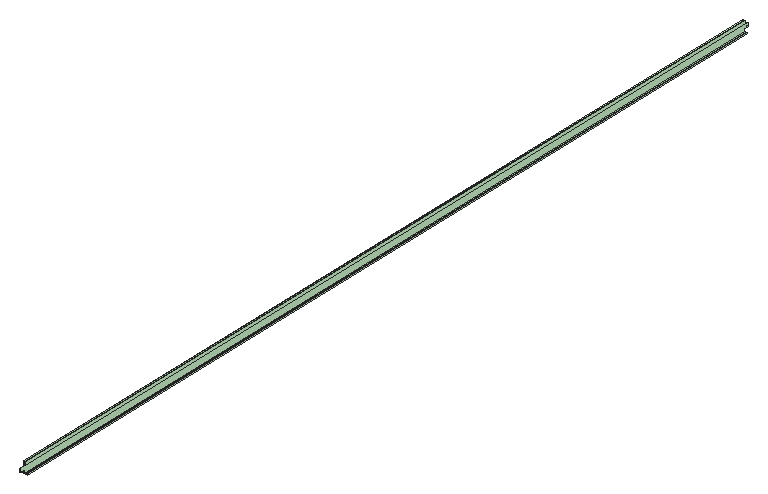
Revit family "eTバー4025ストレート", category 機械設備, Revit 2020
Family settings
  丸型コネクタ寸法 = 直径を使用
  種別 = なし
  パーツ タイプ = 標準
  作業面ベース = いいえ
  常に垂直 = はい
  ロード時にボイドで切り取り = いいえ
  共有 = いいえ
  部屋計算ポイント = いいえ
Parameters
  製造元 = "株式会社桐井製作所"
  既定の高さ = 0 mm
  URL = "https://www.kirii.co.jp/"
  K_長さ(mm) = 3600 mm
  K_材質 = "溶融亜鉛めっき鋼板及び鋼帯SGCC 一般用　カラー鋼板"
  K_品名 = "eTバー4025ストレート"
  K_名称 = "Tバー"
  K_入数 = "20"
  K_バージョン情報 = "20220915"
  K_めっき付着量 = "JIS G 3302 Z12、カラー鋼板　塗装膜厚20μ(白色)"
  K_JIS規格 = "JIS G 3302"
Reference planes
  plane 1 "中心(正面/背面)": y = 0
  plane 2: z = 0
  plane 3 "中心(左/右)": x = 0
  plane 4: y = 3600
Forms (mm)
  Extrusion 1, solid
    sketch origin (0, 0, 7.1) x (-1, 0, 0) y (0, 0, 1)
      loop
        line (0.65, 26.539) -> (2.4, 25.702) -> (2.4, 24.9) -> (3.5, 24.9) -> (3.5, 34.9) -> (1.351, 34.9) -> (1.351, 33.4) -> (2.203, 33.4) -> (2.141, 29.141) -> (1.059, 28.059) -> (-0.917, 28) -> (-2.141, 29.141) -> (-2.203, 33.4) -> (-1.351, 33.4) -> (-1.351, 34.9) -> (-3.5, 34.9) -> (-3.5, 24.9) -> (-2.4, 24.9) -> (-2.4, 25.702) -> (-0.65, 26.518) -> (-0.65, -5.4) -> (-2.488, -5.4) -> (-2.488, -4.6) -> (-3.5, -4.6) -> (-3.5, -5.9) -> (-8.5, -5.9) -> (-8.5, -5.1) -> (-12.5, -5.1) -> (-12.5, -7.1) -> (12.5, -7.1) -> (12.5, -5.1) -> (8.5, -5.1) -> (8.5, -5.9) -> (3.5, -5.9) -> (3.5, -4.6) -> (2.4, -4.6) -> (2.4, -5.4) -> (0.65, -5.4) -> (0.65, 26.539)
    from 0 to 3600
  Extrusion 2, solid
    sketch origin (0.65, 0, 30.6) x (0, 0, -1) y (0, 1, 0)
      loop
        line (3.661, 0) -> (3.661, -19.4)
        arc (3.661, -19.4) -> (3.954, -20.107) -> (4.661, -20.4) r 1
        line (4.661, -20.4) -> (16.783, -20.4)
        arc (16.783, -20.4) -> (17.49, -20.107) -> (17.783, -19.4) r 1
        line (17.783, -19.4) -> (17.783, 0) -> (17.783, 21.201) -> (3.661, 21.201) -> (3.661, 0)
    from -1.3 to 0
  Extrusion 3, void
    sketch origin (0.65, 0, 38.1) x (0, 0, 1) y (0, 1, 0)
      loop
        line (-17.561, -16.4) -> (-17.561, -9.2) -> (-22.361, -9.2) -> (-22.361, -16.4) -> (-17.561, -16.4)
    from 0 to 1.6
  Extrusion 4, solid
    sketch origin (0.65, 3600, 30.6) x (0, 0, -1) y (0, 1, 0)
      loop
        line (3.661, 0) -> (3.661, -21.201) -> (17.783, -21.201) -> (17.783, 0) -> (17.783, 19.4)
        arc (17.783, 19.4) -> (17.49, 20.107) -> (16.783, 20.4) r 1
        line (16.783, 20.4) -> (4.661, 20.4)
        arc (4.661, 20.4) -> (3.954, 20.107) -> (3.661, 19.4) r 1
        line (3.661, 19.4) -> (3.661, 0)
    from -0.8 to 0
  Extrusion 5, void
    sketch origin (0.65, 3600, 38.1) x (0, 0, 1) y (0, 1, 0)
      loop
        line (-17.561, 16.4) -> (-22.361, 16.4) -> (-22.361, 9.2) -> (-17.561, 9.2) -> (-17.561, 16.4)
    from 0 to 0.8
Cuts and joins
  Extrusion 3, Extrusion 5 cuts Extrusion 1
  Extrusion 3, Extrusion 5 cuts Extrusion 2
  Extrusion 5 cuts Extrusion 4
  joined: Extrusion 1, Extrusion 2, Extrusion 4
Dimensions and locks
  plane 4 to plane 1 "中心(正面/背面)" = 3600 mm
  aligned and locked: level to plane 2
  aligned and locked: plane 4 to Extrusion 1
